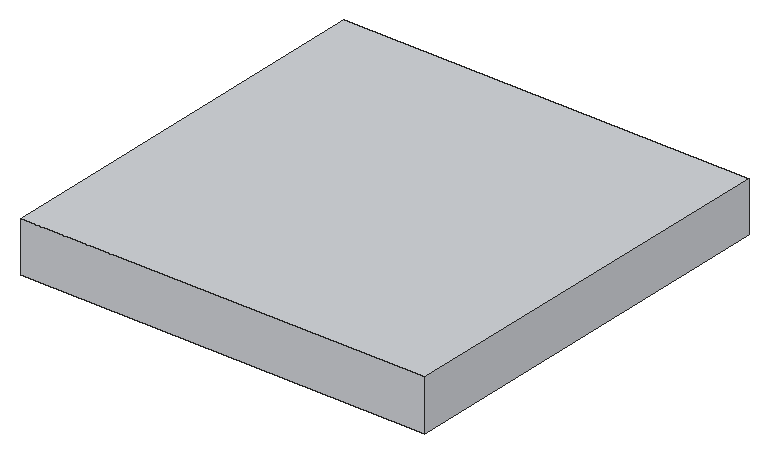
Revit family "XXX_FMI_Strukturierte_Verkabelung", category Datengeräte, Revit 2014
Parameters (values of type "RJ-45 Daten 1-fach")
  Steuermodul = no
  Omni = no
  Kreis = no
  FMI_AnzahlPorts = 1
  BK = no
  Anschlussdose = yes
  Vorgabe-Ansicht = 300 mm
  Beschriftung = "1D"
Types (11, lengths in mm): name | Steuermodul | Omni | Kreis | FMI_AnzahlPorts | BK | Anschlussdose | Beschriftung
  RJ-45 Daten 1-fach | no | no | no | 1 | no | yes | "1D"
  RJ-45 Daten 2-fach | no | no | no | 2 | no | yes | "2D"
  RJ-45 Daten 1-fach galvanisch getrennt | no | no | yes | 1 | no | yes | "1D"
  RJ-45 Daten IP-TV | no | no | no | 1 | no | yes | "TV"
  LWL Anschlussdose 1-fach | no | no | no | 1 | no | yes | "1L"
  LWL Anschlussdose 2-fach | no | no | no | 2 | no | yes | "2L"
  Steuermodul | yes | no | no | 1 | no | no | "STR"
  Omni-Antenne | no | yes | no | 1 | no | no | "1D"
  BK-Anschlussdose | no | no | no | 1 | yes | no | "1D"
  W-LAN | no | no | no | 1 | no | yes | "F"
  RJ-45 Daten 2-fach galvanisch getrennt | no | no | yes | 2 | no | yes | "2D"
Reference planes
  plane 1 "Mitte (Vorne/Hinten)": y = 0
  plane 2: z = 0
  plane 3 "Mitte (Links/Rechts)": x = 0
  plane 4: z = 7
  plane 5: z = -65
  plane 6: x = -40
  plane 7: x = 40
  plane 8: y = 40
  plane 9: y = -40
Forms (mm)
  Extrusion 1, solid
    sketch origin (0, 0, 0) x (1, 0, 0) y (0, 1, 0)
      loop
        line (-1219.2, 1219.2) -> (-1219.2, -1219.2) -> (1219.2, -1219.2) -> (1219.2, 1219.2) -> (-1219.2, 1219.2)
    from 0 to -304.8
Lines and regions (mm)
  symbolic lines, detail levels fine
    curve 1: line (-40, 0, 7) -> (40, 0, 7)
    curve 2: line (-40, 0, 0) -> (-40, 0, 7)
    curve 3: line (40, 0, 0) -> (-40, 0, 0)
    curve 4: line (40, 0, 7) -> (40, 0, 0)
    curve 5: line (-35, 0, -65) -> (-35, 0, 0)
    curve 6: line (35, 0, -65) -> (-35, 0, -65)
    curve 7: line (35, 0, 0) -> (35, 0, -65)
Dimensions and locks
  locked: plane 4 to plane 2 at 7
  plane 2 to plane 5 = 65 mm
  equal spacing: plane 6, plane 3 "Mitte (Links/Rechts)", plane 7
  plane 6 to plane 7 = 80 mm
  equal spacing: plane 8, plane 1 "Mitte (Vorne/Hinten)", plane 9
  plane 8 to plane 9 = 80 mm
  aligned and locked: plane 2 to Extrusion 1
  aligned and locked: level to Extrusion 1
  aligned and locked: plane 1 "Mitte (Vorne/Hinten)" to nested 1
  aligned and locked: plane 3 "Mitte (Links/Rechts)" to nested 1
  aligned and locked: plane 2 to curve 3
  aligned and locked: curve 1 to plane 4
  aligned and locked: curve 4 to plane 7
  aligned and locked: plane 6 to curve 2
  aligned and locked: plane 2 to curve 7
  aligned and locked: plane 5 to curve 6
Automatic sketch dimensions
  Extrusion 1 sketch curve to Extrusion 1 sketch curve = 2438.4 mm  (x2)
  plane 6 to curve 5 = 5 mm
  curve 7 to plane 7 = 5 mm
Nested families
  nested 1: "RJ45" at (0, 0, 0), visible <- "Anschlussdose", type "RJ45"
    with anzahlsichtbar no
  nested 2: "Kreis Beschriftung" at (0, 0, 0), visible <- "Kreis", type "Kreis Beschriftung"
  nested 3: "Steuerung" at (0, 0, 0), visible <- "Steuermodul", type "Steuerung"
    with anzahlsichtbar no
  nested 4: "omniantenne" at (0, 0, 0), visible <- "Omni", type "omniantenne"
  nested 5: "BK-Dat" at (-3.29, 0, 0), visible <- "BK", type "BK-Dat"
    with anzahlsichtbar no
Connectors
  electrical at (0, 0, 0)
    settings: index 1, voltage 0 V, apparent load 0 VA, apparent load phase1 0 VA, apparent load phase2 0 VA, apparent load phase3 0 VA, power factor 1, load classification "Sonstige", number of poles 1, system type 5, power factor state 1, is connector primary yes, connector utility no, sub classification motor no, connector description ""
Definition of nested family "RJ45"
  Parameters (values of type "RJ45-Datendose Beschriftung")
    anzahlsichtbar [instance] = Anzahl > 1  # no
    Beschriftung = "1D"
    Anzahl = 1
  Reference planes
    plane 1: y = 0
    plane 2: x = 0
  Lines and regions (mm)
    detail lines, style "FMI_Daten"
      curve 1: line (0, -0.023, 0) -> (0, 1.898, 0)
      curve 2: line (1.6, 1.898, 0) -> (1.6, 3.738, 0)
      curve 3: line (1.6, 1.898, 0) -> (-1.6, 1.898, 0)
      curve 4: line (-1.6, 1.898, 0) -> (-1.6, 3.738, 0)
  Text (mm)
    label "XX" at (0.01, 1.597, 0), shows "Beschriftung"
    label "xAnzahl" at (2.315, 3.069, 0), shows "Anzahl", visible <- "anzahlsichtbar"
Definition of nested family "Kreis Beschriftung"
  Reference planes
    plane 1: y = 0
    plane 2: x = 0
  Lines and regions (mm)
    detail lines, style "FMI_Daten_duenn"
      curve 1: circle (0, 2.4, 0) r 2.4 normal (0, 0, 1)
Definition of nested family "Steuerung"
  Parameters (values of type "Steuerung")
    anzahlsichtbar [instance] = Anzahl > 1  # no
    Beschriftung = "STR"
    Anzahl = 0
  Reference planes
    plane 1: y = 0
    plane 2: x = 0
  Lines and regions (mm)
    detail lines, style "FMI_Daten"
      curve 1: line (-0.022, 0.008, 0) -> (-2.85, 2.837, 0)
      curve 2: line (2.807, 2.837, 0) -> (-0.022, 0.008, 0)
      curve 3: line (-0.022, 5.665, 0) -> (2.807, 2.837, 0)
      curve 4: line (-2.85, 2.837, 0) -> (-0.022, 5.665, 0)
  Text (mm)
    label "XX" at (0.01, 1.531, 0), shows "Beschriftung"
    label "xAnzahl" at (2.706, 3.144, 0), shows "Anzahl", visible <- "anzahlsichtbar"
Definition of nested family "omniantenne"
  Reference planes
    plane 1: y = 0
    plane 2: x = 0
  Lines and regions (mm)
    Filled region 1, type "Gefüllter Bereich Daten"
      outline origin (0, 0, 0) x (1, 0, 0) y (0, 1, 0)
        loop
          circle (0, 0) r 0.8
    detail lines, style "FMI_Daten"
      curve 1: circle (0, 0, 0) r 1.5 normal (0, 0, 1)
Definition of nested family "BK-Dat"
  Parameters (values of type "BK-Datendose Beschriftung")
    anzahlsichtbar [instance] = Anzahl > 1  # no
    Beschriftung = "1D"
    Anzahl = 1
  Reference planes
    plane 1: y = 0
    plane 2: x = 0
  Lines and regions (mm)
    detail lines, style "FMI_Daten"
      curve 1: line (0, -0.023, 0) -> (0, 1.898, 0)
      curve 2: line (1.6, 1.898, 0) -> (1.6, 3.738, 0)
      curve 3: line (1.6, 1.898, 0) -> (-1.6, 1.898, 0)
      curve 4: line (-1.6, 1.898, 0) -> (-1.6, 3.738, 0)
      curve 5: line (-0.96, 2.538, 0) -> (-0.96, 3.738, 0)
      curve 6: line (0.96, 2.538, 0) -> (-0.96, 2.538, 0)
      curve 7: line (0.96, 2.538, 0) -> (0.96, 3.738, 0)
